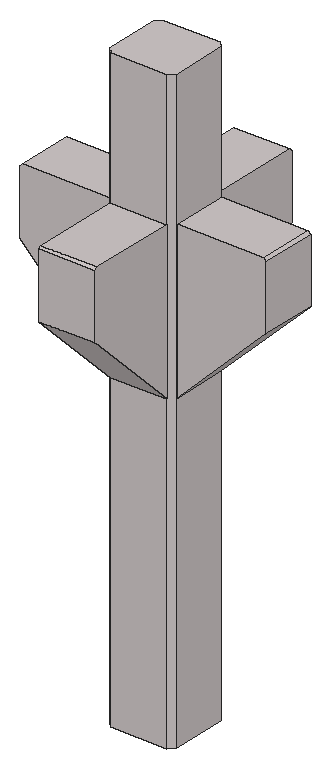
Revit family "667a38eb61194bb4afb2f1a629931bbd", category Structural Columns, Revit 2021
Family settings
  Display in Hidden Views = Edges Hidden by Other Members
  Section Shape = Not Defined
  Material for Model Behavior = Precast Concrete
  Always export as geometry = No
  Beam cutback in plan = From bounding box
  OmniClass Number = 23.25.30.11.14.11
  OmniClass Title = Columns
  Seek Item ID = Precast-Rectangular Column with Corbels-0000-USA-ENU
  Cut with Voids When Loaded = No
  Symbolic Representation = From Family
  Shared = No
  Show family pre-cut in plan views = No
Parameters (values of type "12 x 12")
  Structural Material [instance] = Concrete, Precast
  Sloped Corbel Front [instance] = Corbel Height - Corbel Depth  # 1' - 0"
  Corbel Width North-South [instance] = b - 2 * Chamfer  # 0' - 10"
  Corbel Width East-West [instance] = h - 2 * Chamfer  # 0' - 10"
  Corbel West = yes
  Corbel Type = Sloped Corbel : Sloped Corbel
  Corbel South = yes
  Corbel North = yes
  Corbel Height [instance] = 2' - 4"
  Corbel East = yes
  Corbel Distance [instance] = 2' - 0"
  Corbel Depth [instance] = 1' - 4"
  Corbel Chamfer [instance] = 0' - 0 7/16"
  Assembly Code = "B10"
  Chamfer = 0' - 1"
  b = 1' - 0"
  h = 1' - 0"
Types (7): name | Sloped Corbel Front | Corbel Width North-South | Corbel Width East-West | Corbel Type | Corbel South | Corbel North | Corbel Height | Corbel East | Corbel Distance | Chamfer | b | h
  (no name) | 1' - 0" | 0' - 10" | 0' - 10" | Sloped Corbel : Sloped Corbel | yes | yes | 2' - 4" | yes | 2' - 0" | 0' - 1" | 1' - 0" | 1' - 0"
  12 x 12 | 1' - 0" | 0' - 10" | 0' - 10" | Sloped Corbel : Sloped Corbel | yes | yes | 2' - 4" | yes | 2' - 0" | 0' - 1" | 1' - 0" | 1' - 0"
  18 x 18 | 0' - 10" | 1' - 4" | 1' - 4" | Sloped Corbel : Sloped Corbel | yes | yes | 2' - 2" | yes | 1' - 6" | 0' - 1" | 1' - 6" | 1' - 6"
  24 x 24 | 1' - 0" | 1' - 9" | 1' - 9" | Rectangular Corbel : Rectangular Corbel | yes | yes | 2' - 4" | yes | 2' - 0" | 0' - 1 1/2" | 2' - 0" | 2' - 0"
  12 x 12 - 1 Corbel | 1' - 0" | 0' - 10" | 0' - 10" | Rectangular Corbel : Rectangular Corbel | no | no | 2' - 4" | no | 2' - 0" | 0' - 1" | 1' - 0" | 1' - 0"
  18 x 18 - 2 Corbels | 0' - 10" | 1' - 4" | 1' - 4" | Rectangular Corbel : Rectangular Corbel | yes | no | 2' - 2" | no | 3' - 0" | 0' - 1" | 1' - 6" | 1' - 6"
  24 x 24 - 3 Corbels | 1' - 0" | 1' - 9" | 1' - 9" | Sloped Corbel : Sloped Corbel | yes | yes | 2' - 4" | no | 1' - 6" | 0' - 1 1/2" | 2' - 0" | 2' - 0"
Reference planes (in)
  plane 1 "Center (Front/Back)": y = 0
  plane 2: z = 0
  plane 3 "Center (Left/Right)": x = 0
  plane 4: x = -6
  plane 5: x = 6
  plane 6: y = 6
  plane 7: y = -6
  plane 8: x = -5
  plane 9: y = -5
  plane 10: x = 5
  plane 11: y = 5
  plane 12 "fill ref": z = 84
Forms (in)
  Extrusion 1, solid, material "Concrete, Precast" <- "Structural Material"
    sketch origin (0, 0, 0) x (1, 0, 0) y (0, 1, 0)
      loop
        line (-5, 6) -> (-6, 5) -> (-6, -5) -> (-5, -6) -> (5, -6) -> (6, -5) -> (6, 5) -> (5, 6) -> (-5, 6)
    from 0 to 108
Dimensions and locks (in)
  equal spacing: plane 4, plane 3 "Center (Left/Right)", plane 5
  equal spacing: plane 7, plane 1 "Center (Front/Back)", plane 6
  "h": plane 7 to plane 6
  "b": plane 4 to plane 5
  "Chamfer": plane 4 to plane 8
  "Chamfer": plane 10 to plane 5
  "Chamfer": plane 11 to plane 6
  "Chamfer": plane 7 to plane 9
  "Corbel Distance": level to plane 12 "fill ref"
  "Corbel Distance": level to nested 1
  "Corbel Distance": level to nested 2
  "Corbel Distance": nested 3 to level
  "Corbel Distance": level to nested 4
  aligned and locked: plane 6 to Extrusion 1 sketch curve
  aligned and locked: Extrusion 1 sketch curve to plane 7
  aligned and locked: Extrusion 1 sketch curve to plane 4
  aligned and locked: plane 5 to Extrusion 1 sketch curve
  aligned and locked: level to Extrusion 1
  aligned and locked: level to plane 2
  aligned and locked: Extrusion 1 to plane 2
  aligned and locked: nested 1 to plane 1 "Center (Front/Back)"
  aligned and locked: nested 2 to plane 3 "Center (Left/Right)"
  aligned and locked: plane 3 "Center (Left/Right)" to nested 3
  aligned and locked: plane 1 "Center (Front/Back)" to nested 4
Automatic sketch dimensions
  Extrusion 1 sketch curve to plane 8 = 0' - 0"  (x2)
  Extrusion 1 sketch curve to plane 10 = 0' - 0"  (x2)
  Extrusion 1 sketch curve to plane 9 = 0' - 0"  (x2)
  Extrusion 1 sketch curve to plane 11 = 0' - 0"  (x2)
Nested families (in)
  nested 1: "Sloped Corbel" at (6, 0, 84) x (0, 1, 0) z (1, 0, 0), Corbel Width <- "Corbel Width East-West", visible <- "Corbel East", type <- "Corbel Type", type "Sloped Corbel"
    with Corbel Width 0' - 10"
  nested 2: "Sloped Corbel" at (0, 6, 84) x (-1, 0, 0) z (0, 1, 0), Corbel Width <- "Corbel Width North-South", visible <- "Corbel North", type <- "Corbel Type", type "Sloped Corbel"
    with Corbel Width 0' - 10"
  nested 3: "Sloped Corbel" at (0, -6, 84) x (1, 0, 0) z (0, -1, 0), Corbel Width <- "Corbel Width North-South", visible <- "Corbel South", type <- "Corbel Type", type "Sloped Corbel"
    with Corbel Width 0' - 10"
  nested 4: "Sloped Corbel" at (-6, 0, 84) x (0, -1, 0) z (-1, 0, 0), Corbel Width <- "Corbel Width East-West", visible <- "Corbel West", type <- "Corbel Type", type "Sloped Corbel"
    with Corbel Width 0' - 10"
Definition of nested family "Sloped Corbel"
  Parameters
    Material = none
    Default Elevation = 0' - 0"
    Corbel Width [instance] = 1' - 0"
    Corbel Height = 2' - 4"
    Corbel Front = 1' - 0"
    Corbel Depth = 1' - 4"
    Chamfer = 0' - 0 7/16"
    Assembly Code = ""
  Reference planes (in)
    plane 1 "Center (Front/Back)": y = 0
    plane 2: z = 0
    plane 3 "Center (Left/Right)": x = 0
    plane 4: y = -28
    plane 5: y = -0.4375
    plane 6: z = 16
    plane 7: z = 15.5625
    plane 8 "Left": x = -6
    plane 9 "Right": x = 6
    plane 10: y = -12
  Forms (in)
    Extrusion 1, solid
      sketch origin (0, 0, 0) x (1, 0, 0) y (0, 1, 0)
        loop
          line (-33.23473, 48) -> (-33.23473, -48) -> (30, -48) -> (30, 48) -> (-33.23473, 48)
      from 0 to -12
    Sweep 2, solid, material <- "Material"
      path origin (0, 0, 0) x (1, 0, 0) y (0, 1, 0)
        loop
          line (-6, 0) -> (6, 0)
      profile origin (0, 0, 0) x (0, 1, 0) y (0, 0, 1)
        loop
          line (0, 0) -> (0, 15.5625) -> (-0.4375, 16) -> (-12, 16) -> (-28, 0) -> (0, 0)
  Dimensions and locks (in)
    "Corbel Depth": plane 6 to plane 2
    "Chamfer": plane 6 to plane 7
    "Corbel Height": plane 4 to plane 1 "Center (Front/Back)"
    "Chamfer": plane 5 to plane 1 "Center (Front/Back)"
    "Corbel Width": plane 8 "Left" to plane 9 "Right"
    equal spacing: plane 8 "Left", plane 3 "Center (Left/Right)", plane 9 "Right"
    "Corbel Front": plane 10 to plane 1 "Center (Front/Back)"
    aligned and locked: plane 2 to Extrusion 1
    aligned and locked: level to Extrusion 1
    aligned and locked: plane 1 "Center (Front/Back)" to Sweep 2 sketch curve  (x2)
    aligned and locked: plane 2 to Sweep 2 sketch curve
    aligned and locked: plane 7 to Sweep 2 sketch curve
    aligned and locked: plane 8 "Left" to Sweep 2 sketch curve
    aligned and locked: plane 9 "Right" to Sweep 2 sketch curve
    aligned and locked: plane 10 to Sweep 2 sketch curve
    aligned and locked: plane 4 to Sweep 2 sketch curve
    aligned and locked: plane 5 to Sweep 2 sketch curve
  Automatic sketch dimensions
    Sweep 2 sketch curve to Sweep 2 sketch curve = 0' - 0 7/16"
    Extrusion 1 sketch curve to Extrusion 1 sketch curve = 5' - 3.23473"
    Extrusion 1 sketch curve to Extrusion 1 sketch curve = 8' - 0"
